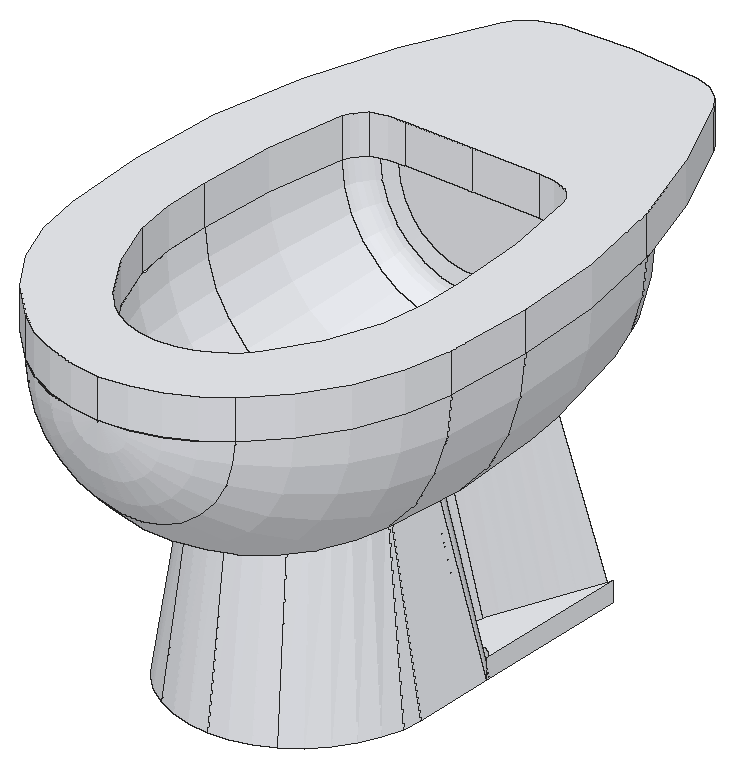
Revit family
Parameters (values of type "5023.100")
  Waste Connection = yes
  WFU = 0
  Vent Connection = no
  URL = "www.americanstandard-us.com"
  Type Comments = ""
  Product URL = "http://www.americanstandard-us.com/bidets/cadet-bidet/"
  Model = "5023.100"
  Material = Vitreous China
  Manufacturer = "American Standard"
  HWFU = 0
  HW Connection = no
  Description = "'CADET BIDET',8\" (203mm) centres, 25-3/4\" x 15\" x 14-1/2\" (654mm x 381mm x 368mm) high, vitreous china, with flushing rim and douche and floor fastening screws with caps. "
  Default Elevation = 0' - 0"
  Cost = 0
  Copyrighted By = "ATS BIM TEAM"
  CWFU = 0
  CW Connection = no
  CAN Listed Price = 412
  Assembly Code = "D2010910"
Reference planes (in)
  plane 1: y = 0
  plane 2: z = 0
  plane 3: x = 0
  plane 4: y = -1.25
Forms (in)
  Blend 1, solid, material "Vitreous China"
    base sketch origin (0, 0, 0) x (1, 0, 0) y (0, 1, 0)
      loop
        line (-4.56681, -13.96914) -> (-4.56681, -16.95176)
        arc (-4.56681, -16.95176) -> (-3.95244, -19.21286) -> (-2.27828, -20.85214) r 4.468
        arc (-2.27828, -20.85214) -> (-1.21006, -21.28585) -> (-0.0681, -21.44435) r 4.66519
        arc (-0.0681, -21.44435) -> (1.07929, -21.30148) -> (2.1444, -20.85152) r 4.20515
        arc (2.1444, -20.85152) -> (3.59653, -19.50202) -> (4.36798, -17.67591) r 4.72933
        arc (4.36798, -17.67591) -> (4.41686, -17.3153) -> (4.43319, -16.95176) r 4.05377
        line (4.43319, -16.95176) -> (4.43319, -13.78377)
        arc (4.43319, -13.78377) -> (4.23384, -13.47071) -> (3.88139, -13.35437) r 0.5526
        arc (3.88139, -13.35437) -> (3.25991, -13.20147) -> (2.80091, -12.75545) r 1.22228
        arc (2.80091, -12.75545) -> (2.81424, -12.30048) -> (2.88828, -11.85137) r 3.39631
        line (2.88828, -11.85137) -> (4.43319, -7.82676) -> (-4.56681, -7.82676) -> (-2.95006, -11.94519)
        arc (-2.95006, -11.94519) -> (-2.90503, -12.30761) -> (-2.89918, -12.67277) r 3.39631
        arc (-2.89918, -12.67277) -> (-3.35674, -13.18963) -> (-4.01502, -13.3974) r 1.2929
        arc (-4.01502, -13.3974) -> (-4.40636, -13.57185) -> (-4.56681, -13.96914) r 0.5721
    top sketch origin (0, 0, 0) x (1, 0, 0) y (0, 1, 0)
      loop
        line (-3.19941, -9.19416) -> (-2.00762, -12.93715)
        arc (-2.00762, -12.93715) -> (-1.98783, -13.74249) -> (-2.52065, -14.34669) r 1.10353
        arc (-2.52065, -14.34669) -> (-2.69344, -14.38744) -> (-2.86661, -14.42656) r 18.92502
        arc (-2.86661, -14.42656) -> (-3.18688, -14.6246) -> (-3.314, -14.97905) r 0.57054
        line (-3.314, -14.97905) -> (-3.314, -17.0416)
        arc (-3.314, -17.0416) -> (-2.92282, -18.61054) -> (-1.84086, -19.81218) r 3.34192
        arc (-1.84086, -19.81218) -> (-0.99142, -20.20453) -> (-0.0678, -20.35426) r 3.45062
        arc (-0.0678, -20.35426) -> (0.85582, -20.20453) -> (1.70527, -19.81218) r 3.45062
        arc (1.70527, -19.81218) -> (2.78723, -18.61054) -> (3.17841, -17.0416) r 3.34192
        line (3.17841, -17.0416) -> (3.17841, -14.97905)
        arc (3.17841, -14.97905) -> (3.05128, -14.6246) -> (2.73101, -14.42656) r 0.57054
        arc (2.73101, -14.42656) -> (2.55784, -14.38744) -> (2.38505, -14.34669) r 18.92502
        arc (2.38505, -14.34669) -> (1.86341, -13.7588) -> (1.83788, -12.97326) r 1.1567
        line (1.83788, -12.97326) -> (3.06579, -9.19416)
        arc (3.06579, -9.19416) -> (-0.06681, -9.05063) -> (-3.19941, -9.19416) r 34.25628
    from 0 to 7.78036
  Extrusion 2, solid, material "Vitreous China"
    sketch origin (0, 0, 0) x (1, 0, 0) y (0, 1, 0)
      loop
        line (4.43319, -7.82676) -> (2.88828, -11.85137)
        arc (2.88828, -11.85137) -> (2.81424, -12.30048) -> (2.80091, -12.75545) r 3.39631
        arc (2.80091, -12.75545) -> (3.25991, -13.20147) -> (3.88139, -13.35437) r 1.22228
        arc (3.88139, -13.35437) -> (4.23384, -13.47071) -> (4.43319, -13.78377) r 0.5526
        line (4.43319, -13.78377) -> (4.43319, -7.82676)
    from 0 to 0.75
  Extrusion 3, solid, material "Vitreous China"
    sketch origin (-0.09375, 0, 0) x (-1, 0, 0) y (0, -1, 0)
      loop
        line (4.43319, 7.82676) -> (4.43319, 13.78377)
        arc (4.43319, 13.78377) -> (4.23384, 13.47071) -> (3.88139, 13.35437) r 0.5526
        arc (3.88139, 13.35437) -> (3.25991, 13.20147) -> (2.80091, 12.75545) r 1.22228
        arc (2.80091, 12.75545) -> (2.81424, 12.30048) -> (2.88828, 11.85137) r 3.39631
        line (2.88828, 11.85137) -> (4.43319, 7.82676)
    from 0 to 0.75
  Revolve 4, solid, material "Vitreous China"
    sketch origin (0, 0, 12.875) x (1, 0, 0) y (0, 1, 0)
      loop
        line (-0.06719, -6.18659) -> (-0.06719, -8.88881) -> (2.72615, -8.88881)
        arc (2.72615, -8.88881) -> (3.03144, -8.94064) -> (3.33604, -8.99635) r 24.28877
        arc (3.33604, -8.99635) -> (3.85889, -9.27862) -> (4.1624, -9.78944) r 1.11452
        arc (4.1624, -9.78944) -> (4.64091, -12.62998) -> (4.76344, -15.50794) r 23.18169
        arc (4.76344, -15.50794) -> (4.40703, -19.16191) -> (2.74765, -22.43682) r 9.93269
        arc (2.74765, -22.43682) -> (1.50983, -23.46911) -> (-0.05044, -23.87327) r 3.6793
        line (-0.05044, -23.87327) -> (-0.05044, -26.62327)
        arc (-0.05044, -26.62327) -> (2.07542, -26.22451) -> (3.90732, -25.07454) r 5.79944
        arc (3.90732, -25.07454) -> (6.05995, -22.23539) -> (7.11587, -18.83251) r 10.29479
        arc (7.11587, -18.83251) -> (7.2273, -17.18918) -> (7.28826, -15.5432) r 53.67999
        arc (7.28826, -15.5432) -> (7.11612, -12.12047) -> (6.45511, -8.75777) r 23.84468
        arc (6.45511, -8.75777) -> (5.65129, -7.40845) -> (4.26625, -6.66784) r 2.93099
        arc (4.26625, -6.66784) -> (2.11268, -6.30881) -> (-0.06719, -6.18659) r 20.00539
      axis (-0.06719, -26.62327) -> (-0.06719, -6.18659)
    angle from 0 to 180
  Extrusion 5, solid, material "Vitreous China"
    sketch origin (0, 0, 0) x (1, 0, 0) y (0, 1, 0)
      loop
        arc (-0.08394, -1.24999) -> (-1.36273, -1.29446) -> (-2.63539, -1.42723) r 18.49887
        arc (-2.63539, -1.42723) -> (-3.50326, -1.75983) -> (-4.13676, -2.43992) r 2.06098
        arc (-4.13676, -2.43992) -> (-5.56041, -5.5278) -> (-6.623, -8.75777) r 29.79771
        arc (-6.623, -8.75777) -> (-7.27501, -12.12158) -> (-7.45615, -15.5432) r 24.74738
        arc (-7.45615, -15.5432) -> (-7.39953, -17.18941) -> (-7.28376, -18.83251) r 45.79997
        arc (-7.28376, -18.83251) -> (-6.29021, -22.26745) -> (-4.07521, -25.07454) r 9.30998
        arc (-4.07521, -25.07454) -> (-2.21225, -26.19082) -> (-0.08394, -26.62327) r 6.43033
        arc (-0.08394, -26.62327) -> (2.04436, -26.19082) -> (3.90732, -25.07454) r 6.43033
        arc (3.90732, -25.07454) -> (6.12232, -22.26745) -> (7.11587, -18.83251) r 9.30998
        arc (7.11587, -18.83251) -> (7.23165, -17.18941) -> (7.28826, -15.5432) r 45.79997
        arc (7.28826, -15.5432) -> (7.10712, -12.12158) -> (6.45511, -8.75777) r 24.74738
        arc (6.45511, -8.75777) -> (5.39252, -5.5278) -> (3.96887, -2.43992) r 29.79771
        arc (3.96887, -2.43992) -> (3.33537, -1.75983) -> (2.4675, -1.42723) r 2.06098
        arc (2.4675, -1.42723) -> (1.19484, -1.29446) -> (-0.08394, -1.24999) r 18.49887
      loop
        arc (-3.80839, -9.11332) -> (-4.10457, -9.41383) -> (-4.29678, -9.78944) r 1.38807
        arc (-4.29678, -9.78944) -> (-4.75853, -12.65831) -> (-4.90236, -15.56054) r 26.41443
        arc (-4.90236, -15.56054) -> (-4.90287, -17.20781) -> (-4.63114, -18.83251) r 9.93269
        arc (-4.63114, -18.83251) -> (-3.9402, -20.72377) -> (-2.88204, -22.43682) r 9.93269
        arc (-2.88204, -22.43682) -> (-1.63676, -23.47293) -> (-0.06719, -23.87378) r 3.6793
        arc (-0.06719, -23.87378) -> (1.50238, -23.47293) -> (2.74765, -22.43682) r 3.6793
        arc (2.74765, -22.43682) -> (3.80581, -20.72377) -> (4.49675, -18.83251) r 9.93269
        arc (4.49675, -18.83251) -> (4.76849, -17.20781) -> (4.76797, -15.56054) r 9.93269
        arc (4.76797, -15.56054) -> (4.62414, -12.65831) -> (4.1624, -9.78944) r 26.41443
        arc (4.1624, -9.78944) -> (3.97018, -9.41383) -> (3.674, -9.11332) r 1.38807
        arc (3.674, -9.11332) -> (3.08407, -8.94955) -> (2.47485, -8.88881) r 3.57581
        line (2.47485, -8.88881) -> (-0.06719, -8.88881) -> (-2.60923, -8.88881)
        arc (-2.60923, -8.88881) -> (-3.21846, -8.94955) -> (-3.80839, -9.11332) r 3.57581
    from 12.875 to 14.375
  Extrusion 6, solid
    sketch origin (0, -3.75, 0) x (1, 0, 0) y (0, 1, 0)
      loop
        circle (-0.06681, -7.82676) r 1.25
    from 0 to 0.01562
Cuts and joins
  joined: Blend 1, Extrusion 2
Connectors (in)
  piping at (-0.06681, -11.57676, 0)
    settings: on Extrusion 6, index 1
